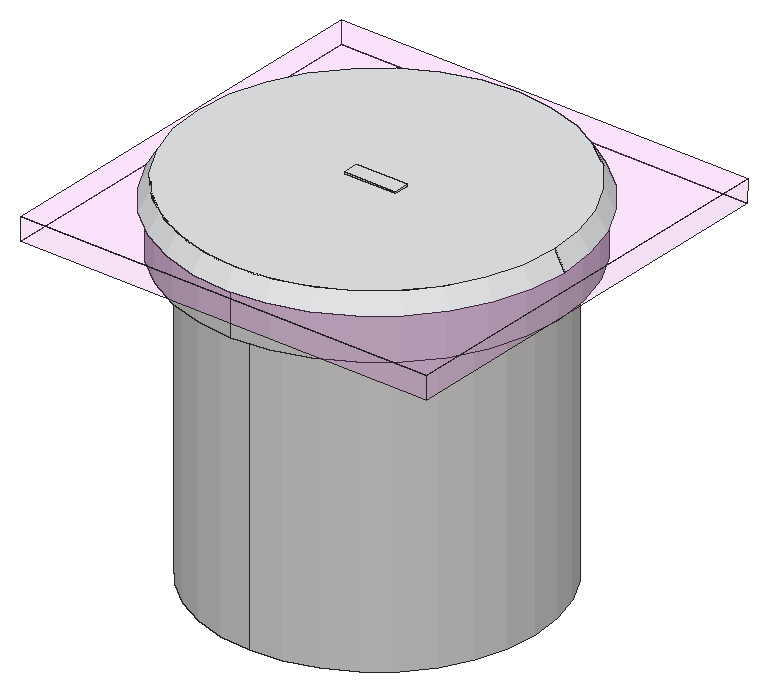
Revit family "AD-C42T", category Communication Devices, host Face, Revit 2014
Parameters (values of type "AD-C42T")
  Width = Grille Radius Base * 2  # 8.43"
  Weight Product (lb) = 4.9
  Weight Product (kg) = 2.22
  Weight Dimensional (lb) = 15.1
  Weight Dimensional (kg) = 6.86
  URL = "http://www.qscaudio.com/products/speakers/acoustic_design/c_series/ad_c42t.htm"
  Sensitivity = 89
  SPL Max = 107
  Regulatory Compliance = "UL1480, UL2043"
  Product Page URL = "http://www.qsc.com/products/Loudspeakers/AcousticCoverage/AC-C4T/"
  Product Documentation Link = "http://www.qsc.com/files/9714/0354/9224/AC-C4T_Specification_Sheet_English.pdf"
  Power Handling = 16
  Model = "AC-C4T"
  Middle Radius = 4.09"
  Middle Depth = 1"
  Manufacturer URL = "www.qscaudio.com"
  Manufacturer = "QSC Audio Products, LLC"
  Logo Material [instance] = White Powder Coated Finish
  Impedance = 8
  Grille Radius Extent = 4"
  Grille Radius Base = 4.215"
  Grille Material [instance] = White Powder Coated Mesh
  Grille Depth = 0.39"
  Enclosure Radius = 3.575"
  Enclosure Depth = 6.52"
  Description = "4\" Full-Range Wide Coverage Loudspeaker"
  Depth = Grille Depth + Middle Depth + Enclosure Depth  # 7.91"
  Default Elevation = 0"
  Coverage Vertical = 140.00°
  Coverage Horizontal = 140.00°
  70V Taps = "16, 8, 4, 2, 1"
  100V Taps = "16, 8, 4, 2"
Reference planes (in)
  plane 1 "Center (Front/Back)": y = 0
  plane 2: z = 0
  plane 3 "Center (Left/Right)": x = 0
  plane 4 "Grill Extent": z = 0.39
  plane 5 "Enclosure Extent": z = -7.52
  plane 6 "Middle Extent": z = -1
Forms (in)
  Extrusion 1, solid, material "Clear"
    sketch origin (0, 0, 0) x (1, 0, 0) y (0, 1, 0)
      loop
        line (-4.47739, 4.62415) -> (-4.47739, -4.41955) -> (4.64954, -4.41955) -> (4.64954, 4.62415) -> (-4.47739, 4.62415)
    from 0 to -0.4951
  Extrusion 2, solid, material "Steel"
    sketch origin (0, 0, -1) x (0, 1, 0) y (-1, 0, 0)
      loop
        circle (0, 0) r 4.09
    from 0 to 1 <- "Middle Depth"
  Extrusion 3, solid, material "Steel"
    sketch origin (0, 0, -7.52) x (0, 1, 0) y (-1, 0, 0)
      loop
        circle (0, 0) r 3.575
    from 0 to 6.52 <- "Enclosure Depth"
  Blend 4, solid, material "White Powder Coated Mesh" <- "Grille Material"
    base sketch origin (0, 0, 0) x (1, 0, 0) y (0, 1, 0)
      loop
        circle (0, 0) r 4.215
    top sketch origin (0, 0, 0) x (1, 0, 0) y (0, 1, 0)
      loop
        circle (0, 0) r 4
    from 0 to 0.39 <- "Grille Depth"
  Extrusion 5, solid, material "White Powder Coated Finish" <- "Logo Material"
    sketch origin (-7.192, -0.9574, 0.39) x (0, 1, 0) y (-1, 0, 0)
      loop
        arc (1.11292, -6.6296) -> (1.10706, -6.61546) -> (1.09292, -6.6096) r 0.02
        line (1.09292, -6.6096) -> (0.79179, -6.6096)
        arc (0.79179, -6.6096) -> (0.77765, -6.61546) -> (0.77179, -6.6296) r 0.02
        line (0.77179, -6.6296) -> (0.77179, -7.7373)
        arc (0.77179, -7.7373) -> (0.77765, -7.75144) -> (0.79179, -7.7573) r 0.02
        line (0.79179, -7.7573) -> (1.09292, -7.7573)
        arc (1.09292, -7.7573) -> (1.10706, -7.75144) -> (1.11292, -7.7373) r 0.02
        line (1.11292, -7.7373) -> (1.11292, -6.6296)
    from 0 to 0.03125
Lines and regions (in)
  model lines
    curve 1: line (0.07625, -0.06087, 0.42125) -> (-0.01101, 0.05409, 0.42125)
    curve 2: line (-0.01101, 0.05409, 0.42125) -> (0.07625, -0.06087, 0.42125)
    curve 3: line (-0.32737, -0.04652, 0.42125) -> (-0.2944, 0.07207, 0.42125)
    curve 4: line (-0.2944, 0.07207, 0.42125) -> (-0.32737, -0.04652, 0.42125)
    curve 5: line (-0.2723, -0.12504, 0.42125) -> (-0.29691, 0.09442, 0.42125)
    curve 6: line (-0.29691, 0.09442, 0.42125) -> (-0.2723, -0.12504, 0.42125)
    curve 7: line (0.19309, 0.0285, 0.42125) -> (0.2709, -0.02866, 0.42125)
    curve 8: line (0.2709, -0.02866, 0.42125) -> (0.19309, 0.0285, 0.42125)
Dimensions and locks (in)
  "Grille Depth": plane 4 "Grill Extent" to plane 2
  "Middle Depth": plane 6 "Middle Extent" to plane 2
  "Enclosure Depth": plane 5 "Enclosure Extent" to plane 6 "Middle Extent"
  "Middle Radius": radius of Extrusion 2 sketch curve
  "Enclosure Radius": radius of Extrusion 3 sketch curve
  "Grille Radius Base": radius of Blend 4 sketch curve
  "Grille Radius Extent": radius of Blend 4 sketch curve
  aligned and locked: plane 2 to Extrusion 1
  aligned and locked: level to Extrusion 1
Automatic sketch dimensions
  Extrusion 1 sketch curve to Extrusion 1 sketch curve = 9.12694"
  Extrusion 1 sketch curve to Extrusion 1 sketch curve = 9.0437"
  plane 1 "Center (Front/Back)" to Extrusion 2 sketch curve = 0"
  Extrusion 2 sketch curve to plane 3 "Center (Left/Right)" = 0"
  plane 1 "Center (Front/Back)" to Extrusion 3 sketch curve = 0"
  Extrusion 3 sketch curve to plane 3 "Center (Left/Right)" = 0"
  plane 1 "Center (Front/Back)" to Blend 4 sketch curve = 0"  (x2)
  Blend 4 sketch curve to plane 3 "Center (Left/Right)" = 0"  (x2)
  plane 1 "Center (Front/Back)" to Extrusion 5 sketch curve = 0.18561"
  Extrusion 5 sketch curve to Extrusion 5 sketch curve = 0.02"  (x3)
  Extrusion 5 sketch curve to Extrusion 5 sketch curve = 0.30113"  (x2)
  plane 3 "Center (Left/Right)" to Extrusion 5 sketch curve = 0.5653"
  Extrusion 5 sketch curve to Extrusion 5 sketch curve = 1.1077"
  curve 6 to Extrusion 5 = 0.06057"
  curve 5 to curve 6 = 0"  (x3)
  curve 1 to Extrusion 5 = 0.12474"
  curve 2 to curve 1 = 0"  (x3)
  curve 6 to curve 4 = 0.07852"
  curve 3 to curve 4 = 0"  (x3)
  curve 7 to Extrusion 5 = 0.15694"
  curve 8 to curve 7 = 0"  (x3)
  curve 8 to curve 7 = 0.05717"
  curve 1 to Extrusion 5 = 0.10143"
  curve 3 to curve 6 = 0.02235"
  curve 8 to Extrusion 5 = 0.2944"
  curve 7 to curve 8 = 0"
  curve 8 to curve 7 = 0.07781"
  curve 7 to curve 2 = 0.11684"
  curve 1 to curve 2 = 0"
  curve 1 to curve 1 = 0.08726"
  curve 6 to Extrusion 5 = 0.3101"
  curve 5 to curve 4 = 0.0221"
  curve 3 to curve 5 = 0.00251"
  curve 6 to curve 5 = 0"
  curve 6 to curve 4 = 0.05507"
Connectors (in)
  electrical at (0, 0, -7.52)
    settings: on Extrusion 3, index 2, voltage 0 V, apparent load 0 VA, apparent load phase1 0 VA, apparent load phase2 0 VA, apparent load phase3 0 VA, power factor 1, load classification "Other", number of poles 1, system type 14, power factor state 1, is connector primary yes, connector utility no, sub classification motor no, connector description "Speaker Input"
